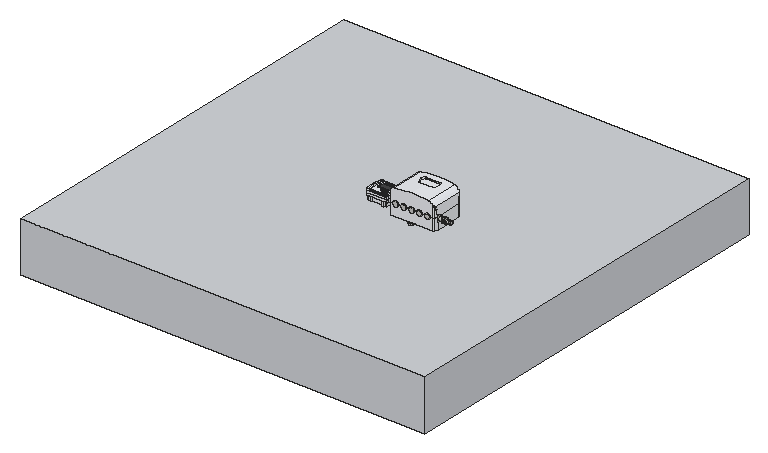
Revit family "QF_ELECTROLUXPROFESSIONAL_1LSNCF_EDVENTURI", category Specialty Equipment, host Face, Revit 2014
Parameters
  OffsetVenturi [instance] = 20 mm
  OffsetPumps [instance] = 50 mm
  Default Elevation = 1500 mm
Reference planes
  plane 1 "Centro (Fronte/Retro)": y = 0
  plane 2: z = 0
  plane 3 "Centro (Sinistra/Destra)": x = -2
  plane 4 "Left": x = -66
  plane 5 "Right": x = 61.956
  plane 6 "Display": z = 53.293
  plane 7 "Top": y = 59.5
  plane 8 "Low": y = -59.5
  plane 9 "PlanePump": z = 150.252
  plane 10 "Tube": z = 136.252
  plane 11 "VENTURI": x = 81.956
Forms (mm)
  Extrusion 1, solid
    sketch origin (0, 0, 0) x (1, 0, 0) y (0, 1, 0)
      loop
        line (-1219.2, 1219.2) -> (-1219.2, -1219.2) -> (1219.2, -1219.2) -> (1219.2, 1219.2) -> (-1219.2, 1219.2)
    from 0 to -304.8
Dimensions and locks
  plane 7 "Top" to plane 8 "Low" = 119 mm
  plane 6 "Display" to Extrusion 1 = 53.293 mm
  plane 9 "PlanePump" to Extrusion 1 = 150.252 mm
  plane 10 "Tube" to plane 9 "PlanePump" = 14 mm
  plane 4 "Left" to plane 5 "Right" = 127.956 mm
  "OffsetVenturi": plane 5 "Right" to plane 11 "VENTURI"
  aligned and locked: plane 2 to Extrusion 1
  aligned and locked: level to Extrusion 1
  aligned and locked: plane 11 "VENTURI" to nested 2
Automatic sketch dimensions
  Extrusion 1 sketch curve to Extrusion 1 sketch curve = 2438.4 mm  (x2)
Nested families
  nested 1: "QF_ELECTROLUXPROFESSIONAL_ED" at (0, 0, 0), type "QF_ELECTROLUXPROFESSIONAL_ED"
    with Show Clearance yes, OffsetPumps 0 mm
  nested 2: "QF_ELECTROLUXPROFESSIONAL_VENTURI" at (273.956, -10.448, 0), type "QF_ELECTROLUXPROFESSIONAL_VENTURI"
    with Show Clearance yes, OffsetPumps 0 mm
Definition of nested family "QF_ELECTROLUXPROFESSIONAL_ED"
  Parameters (values of type "QF_ELECTROLUXPROFESSIONAL_ED")
    Show Clearance [instance] = yes
    OffsetPumps [instance] = 0 mm
    Default Elevation = 1500 mm
  Reference planes
    plane 1 "Centro (Fronte/Retro)": y = 0
    plane 2: z = 0
    plane 3 "Centro (Sinistra/Destra)": x = -2
    plane 4 "Left": x = -66
    plane 5 "Right": x = 61.956
    plane 6 "Display": z = 53.293
    plane 7 "Top": y = 59.5
    plane 8 "Low": y = -59.5
  Forms (mm)
    Extrusion 1, solid
      sketch origin (0, 0, 0) x (1, 0, 0) y (0, 1, 0)
        loop
          line (-1219.2, 1219.2) -> (-1219.2, -1219.2) -> (1219.2, -1219.2) -> (1219.2, 1219.2) -> (-1219.2, 1219.2)
      from 0 to -304.8
    Extrusion 2, solid, material "QF_Finishes_White"
      sketch origin (0, 0, 0) x (1, 0, 0) y (0, 1, 0)
        loop
          line (-48.7, -59.5) -> (-34.7, -59.5) -> (-34.7, -52.791) -> (30.7, -52.791) -> (30.7, -59.5) -> (44.7, -59.5) -> (44.7, -52.791) -> (54.949, -52.791) -> (54.949, 36.953)
          arc (54.949, 36.953) -> (50.556, 47.56) -> (39.949, 51.953) r 15
          line (39.949, 51.953) -> (-43.949, 51.953)
          arc (-43.949, 51.953) -> (-54.556, 47.56) -> (-58.949, 36.953) r 15
          line (-58.949, 36.953) -> (-58.949, -52.791) -> (-48.7, -52.791) -> (-48.7, -59.5)
        loop
          circle (-41.7, -8.5) r 5
        loop
          circle (37.7, -8.5) r 5
      from 0 to 22
    Extrusion 3, solid, material "QF_Finishes_White"
      sketch origin (0, 0, 0) x (1, 0, 0) y (0, 1, 0)
        loop
          arc (-60, 59.5) -> (-64.243, 57.743) -> (-66, 53.5) r 6
          line (-66, 53.5) -> (-66, -48.5)
          arc (-66, -48.5) -> (-64.243, -52.743) -> (-60, -54.5) r 6
          line (-60, -54.5) -> (55.969, -54.5)
          arc (55.969, -54.5) -> (60.203, -52.746) -> (61.956, -48.513) r 5.987
          line (61.956, -48.513) -> (61.956, 53.5)
          arc (61.956, 53.5) -> (60.199, 57.743) -> (55.956, 59.5) r 6
          line (55.956, 59.5) -> (-60, 59.5)
      from 22 to 36
    Extrusion 4, solid, material "QF_Finishes_White"
      sketch origin (0, 0, 0) x (1, 0, 0) y (0, 1, 0)
        loop
          arc (-60, 59.5) -> (-64.243, 57.743) -> (-66, 53.5) r 6
          line (-66, 53.5) -> (-66, -48.5)
          arc (-66, -48.5) -> (-64.243, -52.743) -> (-60, -54.5) r 6
          line (-60, -54.5) -> (55.969, -54.5)
          arc (55.969, -54.5) -> (60.203, -52.746) -> (61.956, -48.513) r 5.987
          line (61.956, -48.513) -> (61.956, 53.5)
          arc (61.956, 53.5) -> (60.199, 57.743) -> (55.956, 59.5) r 6
          line (55.956, 59.5) -> (-60, 59.5)
      from 36 to 59
    Extrusion 5, void
      sketch origin (-2, 0, 0) x (0, 1, 0) y (0, 0, 1)
        loop
          line (52.989, 54) -> (55.5, 54)
          arc (55.5, 54) -> (58.328, 52.828) -> (59.5, 50) r 4
          line (59.5, 50) -> (59.5, 61) -> (-54.511, 61) -> (-54.511, 50)
          arc (-54.511, 50) -> (-53.34, 52.828) -> (-50.511, 54) r 4
          line (-50.511, 54) -> (-48, 54)
          arc (-48, 54) -> (2.494, 59) -> (52.989, 54) r 257.468
      from -64 to 63.956
    Extrusion 6, solid, material "QF_Finishes_White"
      sketch origin (-2, 0, 0) x (0, 1, 0) y (0, 0, 1)
        loop
          arc (-48, 54) -> (2.494, 59) -> (52.989, 54) r 257.468
          arc (52.989, 54) -> (2.494, 65.026) -> (-48, 54) r 121.137
      from 53 to 47
    Extrusion 7, solid, material "QF_Finishes_White"
      sketch origin (-2, 0.006, 0) x (0, 1, 0) y (0, 0, 1)
        loop
          arc (-48, 54) -> (2.494, 59) -> (52.989, 54) r 257.468
          arc (52.989, 54) -> (2.494, 65.026) -> (-48, 54) r 121.137
      from -53 to -47
    Extrusion 8, void
      sketch origin (0, 0, 0) x (1, 0, 0) y (0, 0, 1)
        loop
          line (-49, 59) -> (-49, 54.519) -> (45, 54.519) -> (45, 59) -> (-49, 59)
      from 80 to -80
    Extrusion 9, void
      sketch origin (0, 0, 0) x (1, 0, 0) y (0, 1, 0)
        loop
          line (-38, 35.764) -> (-38, -4.236) -> (34, -4.236) -> (34, 35.764) -> (-38, 35.764)
        loop
          circle (-2, 43.171) r 2.493
        loop
          circle (-14.011, 43.171) r 2.493
        loop
          circle (10.011, 43.171) r 2.493
        loop
          circle (-2, -18.331) r 5
        loop
          circle (23, -18.331) r 5
        loop
          circle (23, -29.331) r 5
        loop
          circle (23, -40.331) r 5
        loop
          circle (12, -29.331) r 5
        loop
          circle (34, -29.331) r 5
      from 55 to 53.293
    Extrusion 10, solid, material "QF_Finishes_Black"
      sketch origin (0, 0, 53.293) x (0, -1, 0) y (1, 0, 0)
        loop
          line (4.236, 34) -> (-35.764, 34) -> (-35.764, -38) -> (4.236, -38) -> (4.236, 34)
      from 0 to 1.6
    Extrusion 11, solid, material "QF_Finishes_Red"
      sketch origin (0, 0, 53.293) x (0, -1, 0) y (1, 0, 0)
        loop
          circle (-43.171, -14.011) r 2.493
      from 0 to 1.6
    Extrusion 12, solid, material "QF_Finishes_Green"
      sketch origin (12.011, 0, 53.293) x (0, -1, 0) y (1, 0, 0)
        loop
          circle (-43.171, -14.011) r 2.493
      from 0 to 1.6
    Extrusion 13, solid, material "QF_Finishes_Gray"
      sketch origin (24.023, 0, 53.293) x (0, -1, 0) y (1, 0, 0)
        loop
          circle (-43.171, -14.011) r 2.493
      from 0 to 1.6
    Extrusion 14, solid, material "QF_Finishes_Gray"
      sketch origin (0, 0, 53.293) x (0, -1, 0) y (1, 0, 0)
        loop
          circle (18.331, -2) r 5
        loop
          circle (18.331, 23) r 5
        loop
          circle (29.331, 34) r 5
        loop
          circle (29.331, 23) r 5
        loop
          circle (29.331, 12) r 5
        loop
          circle (40.331, 23) r 5
      from 0 to 1.6
    Extrusion 15, solid, material "QF_Finishes_Blue"
      sketch origin (61.956, 0, 0) x (0, 1, 0) y (0, 0, 1)
        loop
          line (-17.732, 42.722) -> (-17.732, 38.301) -> (-19.663, 38.301)
          arc (-19.663, 38.301) -> (-21.077, 37.715) -> (-21.663, 36.301) r 2
          line (-21.663, 36.301) -> (-21.663, 34.062)
          arc (-21.663, 34.062) -> (-21.077, 32.647) -> (-19.663, 32.062) r 2
          line (-19.663, 32.062) -> (-17.732, 32.062) -> (-17.732, 27.722) -> (22.951, 27.722) -> (22.951, 42.722) -> (-17.732, 42.722)
      from 0 to 4
    Extrusion 16, solid, material "QF_Finishes_Blue"
      sketch origin (61.956, 0, 0) x (0, 1, 0) y (0, 0, 1)
        loop
          line (22.951, 42.722) -> (22.951, 27.722) -> (28.951, 27.722) -> (28.951, 42.722) -> (22.951, 42.722)
      from 0 to 4
  Cuts and joins
    Extrusion 5, Extrusion 8, Extrusion 9 cuts Extrusion 4
    Extrusion 8 cuts Extrusion 6
    Extrusion 8 cuts Extrusion 7
    joined: Extrusion 4, Extrusion 6, Extrusion 7
  Lines and regions (mm)
    symbolic lines
      curve 1: line (54.949, 0, 0) -> (54.949, 0, 22)
      curve 2: line (-58.949, 0, 0) -> (-58.949, 0, 22)
      curve 3: line (-65.956, 0, 22) -> (61.956, 0, 22)
      curve 4: line (-65.956, 0, 36) -> (61.956, 0, 36)
      curve 5: line (51, 0, 54) -> (51, 0, 65.026)
      curve 6: line (45, 0, 65.026) -> (45, 0, 54)
      curve 7: line (-49, 0, 54) -> (-49, 0, 65.026)
      curve 8: line (-55, 0, 65.026) -> (-55, 0, 54)
      curve 9: line (51, 0, 65.026) -> (45, 0, 65.026)
      curve 10: line (-49, 0, 65.026) -> (-55, 0, 65.026)
      curve 11: line (61.956, 0, 59) -> (51, 0, 59)
      curve 12: line (61.956, 0, 22) -> (61.956, 0, 59)
      curve 13: line (-65.956, 0, 59) -> (-55, 0, 59)
      curve 14: line (-65.956, 0, 22) -> (-65.956, 0, 59)
      curve 15: line (45, 0, 54.519) -> (-49, 0, 54.519)
      curve 16: line (-65.956, 0, 54) -> (61.956, 0, 54)
      curve 17: line (65.956, 0, 42.722) -> (61.956, 0, 42.722)
      curve 18: line (65.956, 0, 27.722) -> (65.956, 0, 42.722)
      curve 19: line (61.956, 0, 27.722) -> (65.956, 0, 27.722)
  Dimensions and locks
    plane 4 "Left" to Extrusion 15 = 131.956 mm
    plane 7 "Top" to plane 8 "Low" = 119 mm
    plane 6 "Display" to Extrusion 1 = 53.293 mm
    aligned and locked: plane 2 to Extrusion 1
    aligned and locked: level to Extrusion 1
Definition of nested family "QF_ELECTROLUXPROFESSIONAL_VENTURI"
  Parameters (values of type "QF_ELECTROLUXPROFESSIONAL_VENTURI")
    Show Clearance [instance] = yes
    OffsetPumps [instance] = 0 mm
    Default Elevation = 1500 mm
  Reference planes
    plane 1 "Centro (Fronte/Retro)": y = 0
    plane 2: z = 0
    plane 3 "Centro (Sinistra/Destra)": x = -2
    plane 4 "Left": x = -192
    plane 5 "Right": x = 188
    plane 6 "Display": z = 162
    plane 7 "Top": y = 110
    plane 8 "Low": y = -110
    plane 9: z = 58
    plane 10 "CWI": y = 81.952
    plane 11 "DETERGENTE": y = -56.421
  Forms (mm)
    Extrusion 1, solid
      sketch origin (0, 0, 0) x (1, 0, 0) y (0, 1, 0)
        loop
          line (-1219.2, 1219.2) -> (-1219.2, -1219.2) -> (1219.2, -1219.2) -> (1219.2, 1219.2) -> (-1219.2, 1219.2)
      from 0 to -304.8
    Extrusion 2, solid, material "QF_Finishes_White"
      sketch origin (0, 0, 0) x (1, 0, 0) y (0, 1, 0)
        loop
          arc (109.41, 91.457) -> (106.942, 98.036) -> (100.755, 101.367) r 10
          arc (100.755, 101.367) -> (-25.838, 109.999) -> (-152.451, 101.677) r 949.563
          arc (-152.451, 101.677) -> (-159.274, 98.019) -> (-161.998, 90.773) r 11
          line (-161.998, 90.773) -> (-161.998, -60.814)
          arc (-161.998, -60.814) -> (-161.134, -71.994) -> (-158.715, -82.944) r 80
          line (-158.715, -82.944) -> (-158.278, -84.424)
          arc (-158.278, -84.424) -> (-155.672, -88.657) -> (-151.288, -90.998) r 9.515
          line (-151.288, -90.998) -> (98.7, -90.998)
          arc (98.7, -90.998) -> (103.084, -88.657) -> (105.69, -84.424) r 9.515
          line (105.69, -84.424) -> (106.127, -82.944)
          arc (106.127, -82.944) -> (108.546, -71.994) -> (109.41, -60.814) r 80
          line (109.41, -60.814) -> (109.41, 91.457)
      from 70 to 162
    Extrusion 3, solid, material "QF_Finishes_White"
      sketch origin (0, 0, 0) x (1, 0, 0) y (0, 1, 0)
        loop
          arc (109.41, 90.584) -> (106.692, 97.824) -> (99.88, 101.485) r 11
          arc (99.88, 101.485) -> (-26.279, 110) -> (-152.451, 101.677) r 949.563
          arc (-152.451, 101.677) -> (-159.274, 98.019) -> (-161.998, 90.773) r 11
          line (-161.998, 90.773) -> (-161.998, -60.814)
          arc (-161.998, -60.814) -> (-161.134, -71.994) -> (-158.715, -82.944) r 80
          line (-158.715, -82.944) -> (-158.278, -84.424)
          arc (-158.278, -84.424) -> (-155.672, -88.657) -> (-151.288, -90.998) r 9.515
          line (-151.288, -90.998) -> (98.7, -90.998)
          arc (98.7, -90.998) -> (103.084, -88.657) -> (105.69, -84.424) r 9.515
          line (105.69, -84.424) -> (106.127, -82.944)
          arc (106.127, -82.944) -> (108.546, -71.994) -> (109.41, -60.814) r 80
          line (109.41, -60.814) -> (109.41, 90.584)
      from 0 to 70
    Extrusion 4, void
      sketch origin (0, 0, 0) x (1, 0, 0) y (0, 1, 0)
        loop
          line (-61.177, 10) -> (8.589, 10)
          arc (8.589, 10) -> (14.253, 11.759) -> (17.925, 16.416) r 10
          line (17.925, 16.416) -> (29.108, 45.549)
          arc (29.108, 45.549) -> (27.138, 62.195) -> (12.304, 70) r 18
          line (12.304, 70) -> (-64.892, 70)
          arc (-64.892, 70) -> (-79.726, 62.195) -> (-81.696, 45.549) r 18
          line (-81.696, 45.549) -> (-70.513, 16.416)
          arc (-70.513, 16.416) -> (-66.841, 11.759) -> (-61.177, 10) r 10
      from 155 to 162
    Extrusion 5, void
      sketch origin (0, 0, 0) x (1, 0, 0) y (0, 0, 1)
        loop
          line (109.41, 70) -> (114.41, 70) -> (114.41, 165) -> (-165.59, 165) -> (-165.59, 70) -> (-161.998, 70) -> (-159.953, 128.566)
          arc (-159.953, 128.566) -> (-145.386, 144.071) -> (-127.586, 155.724) r 90
          arc (-127.586, 155.724) -> (-26.294, 162) -> (74.998, 155.724) r 820.582
          arc (74.998, 155.724) -> (92.798, 144.071) -> (107.365, 128.566) r 90
          line (107.365, 128.566) -> (109.41, 70)
      from -118.001 to 96.361
    Extrusion 6, solid, material "QF_Finishes_Stainless Steel"
      sketch origin (-192, 0, 0) x (0, 1, 0) y (0, 0, 1)
        loop
          circle (81.952, 58) r 8
      from 30.002 to 20.045
    Extrusion 7, solid, material "QF_Finishes_Black"
      sketch origin (-192, 0, 0) x (0, 1, 0) y (0, 0, 1)
        loop
          circle (81.952, 58) r 18
      from 20.045 to 0
    Revolve 8, solid, material "QF_Finishes_Stainless Steel"
      sketch origin (0, -56.421, 0) x (-1, 0, 0) y (0, 0, 1)
        loop
          line (-188, 59.766) -> (-109.195, 59.766) -> (-109.195, 76.155) -> (-112.507, 76.155) -> (-112.507, 71.155) -> (-135.821, 71.155) -> (-135.821, 75.102) -> (-139.074, 75.102) -> (-139.074, 74.173) -> (-141.863, 74.173) -> (-141.863, 71.155) -> (-150.868, 71.155) -> (-150.868, 74.173) -> (-153.868, 74.173) -> (-153.868, 71.155) -> (-167.735, 71.155) -> (-173, 66.737) -> (-188, 66.737) -> (-188, 59.766)
        axis (-188, 59.766) -> (-109.195, 59.766)
      angle from 0 to 360
    Extrusion 9, solid, material "QF_Finishes_Stainless Steel"
      sketch origin (0, 0, 0) x (1, 0, 0) y (0, 1, 0)
        loop
          line (-42.819, -90.998) -> (-42.819, -100.998) -> (-36.244, -100.998)
          arc (-36.244, -100.998) -> (-26.294, -110) -> (-16.344, -100.998) r 10
          line (-16.344, -100.998) -> (-9.769, -100.998) -> (-9.769, -90.998) -> (-42.819, -90.998)
        loop
          circle (-26.294, -100) r 3.01
      from 0 to 2
    Extrusion 10, solid, material "QF_Finishes_Stainless Steel"
      sketch origin (0, -110, 12) x (-1, 0, 0) y (0, 0, 1)
        loop
          circle (-68.793, 58) r 15
        loop
          circle (-20.793, 58) r 15
        loop
          circle (27.207, 58) r 15
        loop
          circle (75.207, 58) r 15
        loop
          circle (123.207, 58) r 15
      from 19.002 to 17.4
  Cuts and joins
    Extrusion 4, Extrusion 5 cuts Extrusion 2
  Lines and regions (mm)
    symbolic lines
      curve 1: line (135.821, 0, 44.43) -> (135.821, 0, 75.102)
      curve 2: line (188, 0, 52.795) -> (188, 0, 66.737)
      curve 3: line (173, 0, 52.795) -> (173, 0, 66.737)
      curve 4: line (167.735, 0, 48.377) -> (167.735, 0, 71.155)
      curve 5: line (153.868, 0, 45.36) -> (153.868, 0, 74.173)
      curve 6: line (150.868, 0, 45.36) -> (150.868, 0, 74.173)
      curve 7: line (141.863, 0, 45.36) -> (141.863, 0, 74.173)
      curve 8: line (139.074, 0, 44.43) -> (139.074, 0, 75.102)
      curve 9: line (112.507, 0, 43.377) -> (112.507, 0, 76.155)
      curve 10: line (107.365, 0, 128.566) -> (109.41, 0, 70)
      curve 11: line (109.41, 0, 0) -> (109.41, 0, 70)
      curve 12: line (-161.998, 0, 70) -> (109.41, 0, 70)
      curve 13: arc (74.998, 0, 155.724) -> (92.798, 0, 144.071) -> (107.365, 0, 128.566) r 90
      curve 14: arc (-127.586, 0, 155.724) -> (-26.294, 0, 162) -> (74.998, 0, 155.724) r 820.582
      curve 15: arc (-159.953, 0, 128.566) -> (-145.386, 0, 144.071) -> (-127.586, 0, 155.724) r 90
      curve 16: line (-161.998, 0, 70) -> (-159.953, 0, 128.566)
      curve 17: line (-171.955, 0, 40) -> (-171.955, 0, 76)
      curve 18: line (-192, 0, 76) -> (-192, 0, 40)
      curve 19: line (-161.998, 0, 70) -> (-161.998, 0, 0)
      curve 20: line (188, 0, 66.737) -> (173, 0, 66.737)
      curve 21: line (173, 0, 66.737) -> (167.735, 0, 71.155)
      curve 22: line (167.735, 0, 71.155) -> (153.868, 0, 71.155)
      curve 23: line (150.868, 0, 71.155) -> (141.863, 0, 71.155)
      curve 24: line (153.868, 0, 74.173) -> (150.868, 0, 74.173)
      curve 25: line (141.863, 0, 74.173) -> (139.074, 0, 74.173)
      curve 26: line (139.074, 0, 75.102) -> (135.821, 0, 75.102)
      curve 27: line (112.507, 0, 76.155) -> (109.195, 0, 76.155)
      curve 28: line (135.821, 0, 71.155) -> (112.507, 0, 71.155)
      curve 29: line (188, 0, 52.795) -> (173, 0, 52.795)
      curve 30: line (173, 0, 52.795) -> (167.735, 0, 48.377)
      curve 31: line (167.735, 0, 48.377) -> (153.868, 0, 48.377)
      curve 32: line (150.868, 0, 48.377) -> (141.863, 0, 48.377)
      curve 33: line (153.868, 0, 45.36) -> (150.868, 0, 45.36)
      curve 34: line (141.863, 0, 45.36) -> (139.074, 0, 45.36)
      curve 35: line (139.074, 0, 44.43) -> (135.821, 0, 44.43)
      curve 36: line (112.507, 0, 43.377) -> (109.195, 0, 43.377)
      curve 37: line (135.821, 0, 48.377) -> (112.507, 0, 48.377)
      curve 38: line (-171.955, 0, 76) -> (-192, 0, 76)
      curve 39: line (-171.955, 0, 40) -> (-192, 0, 40)
      curve 40: line (-171.955, 0, 50) -> (-161.998, 0, 50)
      curve 41: line (-171.955, 0, 66) -> (-161.998, 0, 66)
  Dimensions and locks
    equal spacing: plane 4 "Left", plane 3 "Centro (Sinistra/Destra)", plane 5 "Right"
    locked: plane 4 "Left" to plane 5 "Right" at 380
    equal spacing: plane 7 "Top", plane 1 "Centro (Fronte/Retro)", plane 8 "Low"
    locked: plane 7 "Top" to plane 8 "Low" at 220
    locked: plane 6 "Display" to level at 162
    aligned and locked: plane 2 to Extrusion 1
    aligned and locked: level to Extrusion 1
  Automatic sketch dimensions
    Extrusion 1 sketch curve to Extrusion 1 sketch curve = 2438.4 mm  (x2)
    Extrusion 4 sketch curve to plane 10 "CWI" = 36.402 mm
    Extrusion 4 sketch curve to plane 3 "Centro (Sinistra/Destra)" = 79.696 mm
    Extrusion 4 sketch curve to plane 1 "Centro (Fronte/Retro)" = 16.416 mm
    Extrusion 4 sketch curve to Extrusion 4 sketch curve = 11.183 mm
    Extrusion 4 sketch curve to plane 10 "CWI" = 11.952 mm
    Extrusion 4 sketch curve to Extrusion 4 sketch curve = 16.804 mm  (x2)
    Extrusion 4 sketch curve to Extrusion 4 sketch curve = 9.336 mm  (x2)
    plane 3 "Centro (Sinistra/Destra)" to Extrusion 4 sketch curve = 10.589 mm
    plane 3 "Centro (Sinistra/Destra)" to Extrusion 4 sketch curve = 14.304 mm
    Extrusion 4 sketch curve to plane 1 "Centro (Fronte/Retro)" = 10 mm
    Extrusion 4 sketch curve to Extrusion 4 sketch curve = 6.416 mm
    Extrusion 4 sketch curve to Extrusion 4 sketch curve = 24.451 mm
    plane 9 to Extrusion 5 sketch curve = 12 mm  (x2)
    plane 4 "Left" to Extrusion 5 sketch curve = 26.41 mm
    Extrusion 5 sketch curve to Extrusion 5 sketch curve = 3.592 mm
    plane 4 "Left" to Extrusion 5 sketch curve = 32.047 mm
    plane 9 to Extrusion 5 sketch curve = 17.127 mm  (x2)
    Extrusion 5 sketch curve to Extrusion 5 sketch curve = 74.463 mm
    Extrusion 5 sketch curve to plane 3 "Centro (Sinistra/Destra)" = 24.294 mm
    plane 3 "Centro (Sinistra/Destra)" to Extrusion 5 sketch curve = 36.947 mm
    Extrusion 5 sketch curve to plane 6 "Display" = 33.434 mm  (x2)
    Extrusion 5 sketch curve to Extrusion 5 sketch curve = 72.418 mm
    Extrusion 5 sketch curve to Extrusion 5 sketch curve = 2.045 mm
    plane 6 "Display" to Extrusion 5 sketch curve = 3 mm
    Extrusion 5 sketch curve to Extrusion 5 sketch curve = 7.045 mm
    Extrusion 5 sketch curve to level = 658.582 mm
    Extrusion 5 sketch curve to plane 6 "Display" = 6.276 mm
    Extrusion 6 sketch curve to plane 9 = 0 mm
    Extrusion 6 sketch curve to plane 10 "CWI" = 0 mm
    Extrusion 7 sketch curve to plane 9 = 0 mm
    Extrusion 7 sketch curve to plane 10 "CWI" = 0 mm
    Revolve 8 sketch curve to plane 5 "Right" = 0 mm  (x2)
    Revolve 8 sketch curve to Revolve 8 sketch curve = 15 mm
    Revolve 8 sketch curve to Revolve 8 sketch curve = 5.265 mm
    Revolve 8 sketch curve to Revolve 8 sketch curve = 13.867 mm
    Revolve 8 sketch curve to Revolve 8 sketch curve = 3 mm
    Revolve 8 sketch curve to Revolve 8 sketch curve = 9.006 mm
    Revolve 8 sketch curve to Revolve 8 sketch curve = 2.788 mm
    Revolve 8 sketch curve to Revolve 8 sketch curve = 3.253 mm
    Revolve 8 sketch curve to Revolve 8 sketch curve = 23.314 mm
    Revolve 8 sketch curve to Revolve 8 sketch curve = 3.312 mm
    plane 9 to Revolve 8 sketch curve = 1.766 mm  (x2)
    plane 9 to Revolve 8 sketch curve = 8.737 mm
    plane 9 to Revolve 8 sketch curve = 13.155 mm  (x2)
    Revolve 8 sketch curve to Revolve 8 sketch curve = 0 mm
    Revolve 8 sketch curve to Revolve 8 sketch curve = 3.018 mm  (x2)
    Revolve 8 sketch curve to Revolve 8 sketch curve = 0.929 mm
    Revolve 8 sketch curve to Revolve 8 sketch curve = 5 mm
    Revolve 8 sketch curve to Revolve 8 sketch curve = 19.692 mm
    Extrusion 9 sketch curve to Extrusion 9 sketch curve = 0 mm  (x2)
    plane 8 "Low" to Extrusion 9 sketch curve = 9.002 mm  (x2)
    Extrusion 9 sketch curve to plane 3 "Centro (Sinistra/Destra)" = 40.819 mm
    Extrusion 9 sketch curve to Extrusion 9 sketch curve = 6.575 mm  (x2)
    Extrusion 9 sketch curve to Extrusion 9 sketch curve = 9.95 mm
    Extrusion 9 sketch curve to Extrusion 9 sketch curve = 0.998 mm
    Extrusion 9 sketch curve to Extrusion 9 sketch curve = 10 mm
    plane 9 to Extrusion 10 sketch curve = 12 mm  (x5)
    plane 3 "Centro (Sinistra/Destra)" to Extrusion 10 sketch curve = 70.793 mm
    plane 3 "Centro (Sinistra/Destra)" to Extrusion 10 sketch curve = 22.793 mm
    Extrusion 10 sketch curve to plane 3 "Centro (Sinistra/Destra)" = 25.207 mm
    Extrusion 10 sketch curve to Extrusion 10 sketch curve = 48 mm  (x2)
    curve 38 to plane 4 "Left" = 0 mm
    curve 19 to level = 0 mm
    curve 11 to level = 0 mm
    curve 2 to plane 5 "Right" = 0 mm
    plane 4 "Left" to curve 17 = 20.045 mm
    curve 41 to curve 19 = 9.957 mm
    plane 4 "Left" to curve 16 = 32.047 mm
    plane 9 to curve 15 = 17.127 mm
    curve 12 to curve 15 = 74.463 mm
    curve 14 to plane 3 "Centro (Sinistra/Destra)" = 24.294 mm
    plane 3 "Centro (Sinistra/Destra)" to curve 13 = 36.947 mm
    curve 10 to plane 6 "Display" = 33.434 mm
    curve 13 to curve 10 = 72.418 mm
    plane 9 to curve 11 = 12 mm
    curve 10 to curve 11 = 2.045 mm
    curve 10 to curve 9 = 3.097 mm
    curve 9 to curve 1 = 23.314 mm
    curve 1 to curve 35 = 3.253 mm
    curve 34 to curve 7 = 2.788 mm
    curve 7 to curve 33 = 9.006 mm
    curve 6 to curve 5 = 3 mm
    curve 31 to curve 4 = 13.867 mm
    curve 30 to plane 9 = 5.205 mm
    curve 4 to curve 30 = 5.265 mm
    curve 14 to level = 658.582 mm
    curve 17 to plane 9 = 18 mm
    curve 36 to plane 9 = 14.623 mm
    curve 35 to plane 9 = 13.57 mm
    curve 8 to curve 7 = 0.929 mm
    curve 33 to curve 7 = 0 mm
    curve 4 to curve 3 = 4.418 mm
    plane 9 to curve 20 = 8.737 mm
    curve 3 to curve 21 = 4.418 mm
    curve 22 to curve 5 = 3.018 mm
    curve 25 to curve 6 = 0 mm
    curve 25 to curve 26 = 0.929 mm
    plane 9 to curve 13 = 17.127 mm
    plane 9 to curve 18 = 18 mm
    curve 10 to curve 27 = 6.155 mm
    curve 16 to plane 6 "Display" = 33.434 mm
    curve 15 to plane 6 "Display" = 6.276 mm
    curve 36 to curve 9 = 3.312 mm
    curve 9 to curve 37 = 5 mm
    curve 7 to curve 32 = 3.018 mm
    curve 40 to plane 9 = 8 mm
    plane 9 to curve 41 = 8 mm
    curve 23 to curve 7 = 3.018 mm
    curve 28 to curve 1 = 3.947 mm
    plane 4 "Left" to Extrusion 2 sketch curve = 30.002 mm
    Extrusion 2 sketch curve to plane 11 "DETERGENTE" = 26.523 mm  (x2)
    Extrusion 2 sketch curve to Extrusion 2 sketch curve = 3.283 mm
    Extrusion 2 sketch curve to Extrusion 2 sketch curve = 0.438 mm  (x2)
    Extrusion 2 sketch curve to Extrusion 2 sketch curve = 6.99 mm
    Extrusion 2 sketch curve to Extrusion 2 sketch curve = 11 mm
    Extrusion 2 sketch curve to Extrusion 2 sketch curve = 2.135 mm  (x2)
    Extrusion 2 sketch curve to plane 11 "DETERGENTE" = 3.835 mm  (x2)
    Extrusion 2 sketch curve to Extrusion 2 sketch curve = 67.153 mm  (x2)
    Extrusion 2 sketch curve to plane 3 "Centro (Sinistra/Destra)" = 25 mm
    plane 3 "Centro (Sinistra/Destra)" to Extrusion 2 sketch curve = 31.412 mm
    Extrusion 2 sketch curve to plane 11 "DETERGENTE" = 25.305 mm
    plane 10 "CWI" to Extrusion 2 sketch curve = 9.506 mm
    Extrusion 2 sketch curve to plane 5 "Right" = 88.59 mm
    plane 8 "Low" to Extrusion 2 sketch curve = 25.576 mm
    Extrusion 2 sketch curve to Extrusion 2 sketch curve = 9.125 mm
    Extrusion 2 sketch curve to plane 11 "DETERGENTE" = 4.393 mm
    Extrusion 2 sketch curve to plane 8 "Low" = 729.563 mm
    Extrusion 2 sketch curve to Extrusion 2 sketch curve = 1.48 mm
    plane 10 "CWI" to Extrusion 2 sketch curve = 8.821 mm
    Extrusion 2 sketch curve to Extrusion 2 sketch curve = 0 mm
    Extrusion 3 sketch curve to plane 11 "DETERGENTE" = 4.393 mm  (x2)
    plane 4 "Left" to Extrusion 3 sketch curve = 30.002 mm
    Extrusion 3 sketch curve to plane 11 "DETERGENTE" = 26.523 mm  (x2)
    Extrusion 3 sketch curve to Extrusion 3 sketch curve = 3.283 mm
    plane 8 "Low" to Extrusion 3 sketch curve = 25.576 mm  (x2)
    Extrusion 3 sketch curve to Extrusion 3 sketch curve = 0.438 mm  (x2)
    Extrusion 3 sketch curve to Extrusion 3 sketch curve = 6.99 mm
    Extrusion 3 sketch curve to Extrusion 3 sketch curve = 11 mm
    Extrusion 3 sketch curve to Extrusion 3 sketch curve = 9.125 mm  (x2)
    Extrusion 3 sketch curve to plane 11 "DETERGENTE" = 3.835 mm  (x2)
    Extrusion 3 sketch curve to plane 3 "Centro (Sinistra/Destra)" = 25 mm
    plane 3 "Centro (Sinistra/Destra)" to Extrusion 3 sketch curve = 31.412 mm
    Extrusion 3 sketch curve to plane 11 "DETERGENTE" = 25.305 mm
    Extrusion 3 sketch curve to Extrusion 3 sketch curve = 67.153 mm
    Extrusion 3 sketch curve to Extrusion 3 sketch curve = 2.135 mm
    plane 10 "CWI" to Extrusion 3 sketch curve = 8.632 mm
    Extrusion 3 sketch curve to plane 5 "Right" = 89.59 mm
    Extrusion 3 sketch curve to plane 8 "Low" = 729.563 mm
    plane 10 "CWI" to Extrusion 3 sketch curve = 8.821 mm
    Extrusion 3 sketch curve to Extrusion 3 sketch curve = 0 mm
    radius of Extrusion 6 sketch curve = 8 mm
    radius of Extrusion 7 sketch curve = 18 mm
    radius of Extrusion 9 sketch curve = 3.01 mm
    radius of Extrusion 10 sketch curve = 15 mm  (x5)
